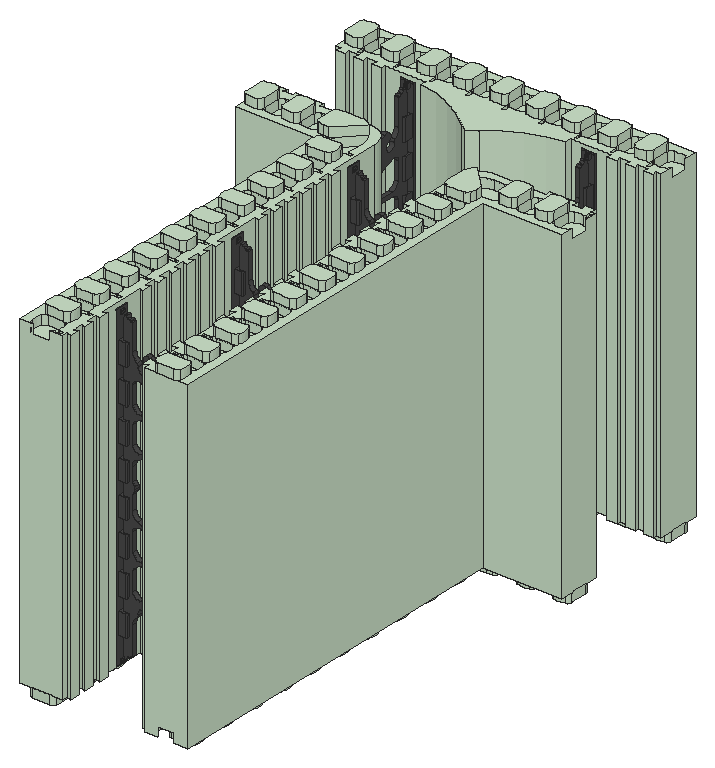
Revit family
Reference planes (in)
  plane 1 "Center (Front/Back)": y = 1
  plane 2: z = 0
  plane 3 "Center (Left/Right)": x = 0
  plane 4: y = 3
  plane 5: y = -1
  plane 6: x = 2
  plane 7: x = -2
  plane 8: z = 18
  plane 9: x = 1
  plane 10: x = -1
Forms (in)
  Extrusion 1, solid, material "NUDURA Expanded Polystyrene Foam Insulation"
    sketch origin (0, 0, 0) x (1, 0, 0) y (0, 1, 0)
      loop
        line (-9, 5.625) -> (-9, 3.25) -> (-8.71883, 3.25) -> (-8.78117, 3) -> (-8.21883, 3) -> (-8.28117, 3.25) -> (-7.71883, 3.25) -> (-7.78117, 3) -> (-7.21883, 3) -> (-7.28117, 3.25) -> (-6.71883, 3.25) -> (-6.78117, 3) -> (-6.21883, 3) -> (-6.28117, 3.25) -> (-4, 3.25) -> (-4, 2.875)
        arc (-4, 2.875) -> (-2.12304, 2.37468) -> (-0.50918, 1.29358) r 5.91797
        arc (-0.50918, 1.29358) -> (-0.26811, 1.09957) -> (0, 0.94507) r 2
        arc (0, 0.94507) -> (0.26811, 1.09957) -> (0.50918, 1.29358) r 2
        arc (0.50918, 1.29358) -> (2.12304, 2.37468) -> (4, 2.875) r 5.91797
        line (4, 2.875) -> (4, 3.25) -> (6.28117, 3.25) -> (6.21883, 3) -> (6.78117, 3) -> (6.71883, 3.25) -> (7.28117, 3.25) -> (7.21883, 3) -> (7.78117, 3) -> (7.71883, 3.25) -> (8.28117, 3.25) -> (8.21883, 3) -> (8.78117, 3) -> (8.71883, 3.25) -> (9, 3.25) -> (9, 5.625) -> (-9, 5.625)
      loop
        line (-2.25, -24) -> (-2.25, -23.71883) -> (-2, -23.78117) -> (-2, -23.21883) -> (-2.25, -23.28117) -> (-2.25, -22.71883) -> (-2, -22.78117) -> (-2, -22.21883) -> (-2.25, -22.28117) -> (-2.25, -21.71883) -> (-2, -21.78117) -> (-2, -21.21883) -> (-2.25, -21.28117) -> (-2.25, -18.71883) -> (-2, -18.78117) -> (-2, -18.21883) -> (-2.25, -18.28117) -> (-2.25, -17.71883) -> (-2, -17.78117) -> (-2, -17.21883) -> (-2.25, -17.28117) -> (-2.25, -16.71883) -> (-2, -16.78117) -> (-2, -16.21883) -> (-2.25, -16.28117) -> (-2.25, -15.71883) -> (-2, -15.78117) -> (-2, -15.21883) -> (-2.25, -15.28117) -> (-2.25, -14.71883) -> (-2, -14.78117) -> (-2, -14.21883) -> (-2.25, -14.28117) -> (-2.25, -13.71883) -> (-2, -13.78117) -> (-2, -13.21883) -> (-2.25, -13.28117) -> (-2.25, -10.71883) -> (-2, -10.78117) -> (-2, -10.21883) -> (-2.25, -10.28117) -> (-2.25, -9.71883) -> (-2, -9.78117) -> (-2, -9.21883) -> (-2.25, -9.28117) -> (-2.25, -8.71883) -> (-2, -8.78117) -> (-2, -8.21883) -> (-2.25, -8.28117) -> (-2.25, -7.71883) -> (-2, -7.78117) -> (-2, -7.21883) -> (-2.25, -7.28117) -> (-2.25, -6.71883) -> (-2, -6.78117) -> (-2, -6.21883) -> (-2.25, -6.28117) -> (-2.25, -5.71883) -> (-2, -5.78117) -> (-2, -5.21883) -> (-2.25, -5.28117) -> (-2.25, -2.5)
        arc (-2.25, -2.5) -> (-2.61612, -1.61612) -> (-3.5, -1.25) r 1.25
        line (-3.5, -1.25) -> (-6.28117, -1.25) -> (-6.21883, -1) -> (-6.78117, -1) -> (-6.71883, -1.25) -> (-7.28117, -1.25) -> (-7.21883, -1) -> (-7.78117, -1) -> (-7.71883, -1.25) -> (-8.28117, -1.25) -> (-8.21883, -1) -> (-8.78117, -1) -> (-8.71883, -1.25) -> (-9, -1.25) -> (-9, -3.625) -> (-4.625, -3.625) -> (-4.625, -24) -> (-2.25, -24)
      loop
        line (2.25, -24) -> (4.625, -24) -> (4.625, -3.625) -> (9, -3.625) -> (9, -1.25) -> (8.71883, -1.25) -> (8.78117, -1) -> (8.21883, -1) -> (8.28117, -1.25) -> (7.71883, -1.25) -> (7.78117, -1) -> (7.21883, -1) -> (7.28117, -1.25) -> (6.71883, -1.25) -> (6.78117, -1) -> (6.21883, -1) -> (6.28117, -1.25) -> (3.5, -1.25)
        arc (3.5, -1.25) -> (2.61612, -1.61612) -> (2.25, -2.5) r 1.25
        line (2.25, -2.5) -> (2.25, -5.28117) -> (2, -5.21883) -> (2, -5.78117) -> (2.25, -5.71883) -> (2.25, -6.28117) -> (2, -6.21883) -> (2, -6.78117) -> (2.25, -6.71883) -> (2.25, -7.28117) -> (2, -7.21883) -> (2, -7.78117) -> (2.25, -7.71883) -> (2.25, -8.28117) -> (2, -8.21883) -> (2, -8.78117) -> (2.25, -8.71883) -> (2.25, -9.28117) -> (2, -9.21883) -> (2, -9.78117) -> (2.25, -9.71883) -> (2.25, -10.28117) -> (2, -10.21883) -> (2, -10.78117) -> (2.25, -10.71883) -> (2.25, -13.28117) -> (2, -13.21883) -> (2, -13.78117) -> (2.25, -13.71883) -> (2.25, -14.28117) -> (2, -14.21883) -> (2, -14.78117) -> (2.25, -14.71883) -> (2.25, -15.28117) -> (2, -15.21883) -> (2, -15.78117) -> (2.25, -15.71883) -> (2.25, -16.28117) -> (2, -16.21883) -> (2, -16.78117) -> (2.25, -16.71883) -> (2.25, -17.28117) -> (2, -17.21883) -> (2, -17.78117) -> (2.25, -17.71883) -> (2.25, -18.28117) -> (2, -18.21883) -> (2, -18.78117) -> (2.25, -18.71883) -> (2.25, -21.28117) -> (2, -21.21883) -> (2, -21.78117) -> (2.25, -21.71883) -> (2.25, -22.28117) -> (2, -22.21883) -> (2, -22.78117) -> (2.25, -22.71883) -> (2.25, -23.28117) -> (2, -23.21883) -> (2, -23.78117) -> (2.25, -23.71883) -> (2.25, -24)
    from 0 to 18
  Extrusion 2, void
    sketch origin (1, 4, 0) x (1, 0, 0) y (0, 1, 0)
      loop
        arc (-5.13595, -25.17306) -> (-5.1875, -25.49998) -> (-5.13595, -25.8269) r 1.0625
        arc (-5.13595, -25.8269) -> (-5.04517, -25.95213) -> (-4.89808, -25.99998) r 0.25
        line (-4.89808, -25.99998) -> (-3.97692, -25.99998)
        arc (-3.97692, -25.99998) -> (-3.88568, -25.98274) -> (-3.80702, -25.93338) r 0.25
        arc (-3.80702, -25.93338) -> (-3.78736, -25.92104) -> (-3.76455, -25.91673) r 0.0625
        line (-3.76455, -25.91673) -> (-3.41845, -25.91673) -> (-3.41845, -25.7459) -> (-3.64005, -25.7459)
        arc (-3.64005, -25.7459) -> (-3.68771, -25.72383) -> (-3.70172, -25.67321) r 0.0625
        arc (-3.70172, -25.67321) -> (-3.69045, -25.4209) -> (-3.73905, -25.17306) r 1.0625
        arc (-3.73905, -25.17306) -> (-3.82983, -25.04783) -> (-3.97692, -24.99998) r 0.25
        line (-3.97692, -24.99998) -> (-4.89808, -24.99998)
        arc (-4.89808, -24.99998) -> (-5.04517, -25.04783) -> (-5.13595, -25.17306) r 0.25
    from 18 to 17.5
  Extrusion 3, void
    sketch origin (1, 6, 0) x (1, 0, 0) y (0, 1, 0)
      loop
        arc (-5.13595, -25.17306) -> (-5.1875, -25.49998) -> (-5.13595, -25.8269) r 1.0625
        arc (-5.13595, -25.8269) -> (-5.04517, -25.95213) -> (-4.89808, -25.99998) r 0.25
        line (-4.89808, -25.99998) -> (-3.97692, -25.99998)
        arc (-3.97692, -25.99998) -> (-3.88568, -25.98274) -> (-3.80702, -25.93338) r 0.25
        arc (-3.80702, -25.93338) -> (-3.78736, -25.92104) -> (-3.76455, -25.91673) r 0.0625
        line (-3.76455, -25.91673) -> (-3.41845, -25.91673) -> (-3.41845, -25.7459) -> (-3.64005, -25.7459)
        arc (-3.64005, -25.7459) -> (-3.68771, -25.72383) -> (-3.70172, -25.67321) r 0.0625
        arc (-3.70172, -25.67321) -> (-3.69045, -25.4209) -> (-3.73905, -25.17306) r 1.0625
        arc (-3.73905, -25.17306) -> (-3.82983, -25.04783) -> (-3.97692, -24.99998) r 0.25
        line (-3.97692, -24.99998) -> (-4.89808, -24.99998)
        arc (-4.89808, -24.99998) -> (-5.04517, -25.04783) -> (-5.13595, -25.17306) r 0.25
    from 18 to 17.5
  Extrusion 4, void
    sketch origin (1, 8, 0) x (1, 0, 0) y (0, 1, 0)
      loop
        arc (-5.13595, -25.17306) -> (-5.1875, -25.49998) -> (-5.13595, -25.8269) r 1.0625
        arc (-5.13595, -25.8269) -> (-5.04517, -25.95213) -> (-4.89808, -25.99998) r 0.25
        line (-4.89808, -25.99998) -> (-3.97692, -25.99998)
        arc (-3.97692, -25.99998) -> (-3.88568, -25.98274) -> (-3.80702, -25.93338) r 0.25
        arc (-3.80702, -25.93338) -> (-3.78736, -25.92104) -> (-3.76455, -25.91673) r 0.0625
        line (-3.76455, -25.91673) -> (-3.41845, -25.91673) -> (-3.41845, -25.7459) -> (-3.64005, -25.7459)
        arc (-3.64005, -25.7459) -> (-3.68771, -25.72383) -> (-3.70172, -25.67321) r 0.0625
        arc (-3.70172, -25.67321) -> (-3.69045, -25.4209) -> (-3.73905, -25.17306) r 1.0625
        arc (-3.73905, -25.17306) -> (-3.82983, -25.04783) -> (-3.97692, -24.99998) r 0.25
        line (-3.97692, -24.99998) -> (-4.89808, -24.99998)
        arc (-4.89808, -24.99998) -> (-5.04517, -25.04783) -> (-5.13595, -25.17306) r 0.25
    from 18 to 17.5
  Extrusion 5, void
    sketch origin (1, 10, 0) x (1, 0, 0) y (0, 1, 0)
      loop
        arc (-5.13595, -25.17306) -> (-5.1875, -25.49998) -> (-5.13595, -25.8269) r 1.0625
        arc (-5.13595, -25.8269) -> (-5.04517, -25.95213) -> (-4.89808, -25.99998) r 0.25
        line (-4.89808, -25.99998) -> (-3.97692, -25.99998)
        arc (-3.97692, -25.99998) -> (-3.88568, -25.98274) -> (-3.80702, -25.93338) r 0.25
        arc (-3.80702, -25.93338) -> (-3.78736, -25.92104) -> (-3.76455, -25.91673) r 0.0625
        line (-3.76455, -25.91673) -> (-3.41845, -25.91673) -> (-3.41845, -25.7459) -> (-3.64005, -25.7459)
        arc (-3.64005, -25.7459) -> (-3.68771, -25.72383) -> (-3.70172, -25.67321) r 0.0625
        arc (-3.70172, -25.67321) -> (-3.69045, -25.4209) -> (-3.73905, -25.17306) r 1.0625
        arc (-3.73905, -25.17306) -> (-3.82983, -25.04783) -> (-3.97692, -24.99998) r 0.25
        line (-3.97692, -24.99998) -> (-4.89808, -24.99998)
        arc (-4.89808, -24.99998) -> (-5.04517, -25.04783) -> (-5.13595, -25.17306) r 0.25
    from 18 to 17.5
  Extrusion 6, void
    sketch origin (1, 12, 0) x (1, 0, 0) y (0, 1, 0)
      loop
        arc (-5.13595, -25.17306) -> (-5.1875, -25.49998) -> (-5.13595, -25.8269) r 1.0625
        arc (-5.13595, -25.8269) -> (-5.04517, -25.95213) -> (-4.89808, -25.99998) r 0.25
        line (-4.89808, -25.99998) -> (-3.97692, -25.99998)
        arc (-3.97692, -25.99998) -> (-3.88568, -25.98274) -> (-3.80702, -25.93338) r 0.25
        arc (-3.80702, -25.93338) -> (-3.78736, -25.92104) -> (-3.76455, -25.91673) r 0.0625
        line (-3.76455, -25.91673) -> (-3.41845, -25.91673) -> (-3.41845, -25.7459) -> (-3.64005, -25.7459)
        arc (-3.64005, -25.7459) -> (-3.68771, -25.72383) -> (-3.70172, -25.67321) r 0.0625
        arc (-3.70172, -25.67321) -> (-3.69045, -25.4209) -> (-3.73905, -25.17306) r 1.0625
        arc (-3.73905, -25.17306) -> (-3.82983, -25.04783) -> (-3.97692, -24.99998) r 0.25
        line (-3.97692, -24.99998) -> (-4.89808, -24.99998)
        arc (-4.89808, -24.99998) -> (-5.04517, -25.04783) -> (-5.13595, -25.17306) r 0.25
    from 18 to 17.5
  Extrusion 7, void
    sketch origin (1, 14, 0) x (1, 0, 0) y (0, 1, 0)
      loop
        arc (-5.13595, -25.17306) -> (-5.1875, -25.49998) -> (-5.13595, -25.8269) r 1.0625
        arc (-5.13595, -25.8269) -> (-5.04517, -25.95213) -> (-4.89808, -25.99998) r 0.25
        line (-4.89808, -25.99998) -> (-3.97692, -25.99998)
        arc (-3.97692, -25.99998) -> (-3.88568, -25.98274) -> (-3.80702, -25.93338) r 0.25
        arc (-3.80702, -25.93338) -> (-3.78736, -25.92104) -> (-3.76455, -25.91673) r 0.0625
        line (-3.76455, -25.91673) -> (-3.41845, -25.91673) -> (-3.41845, -25.7459) -> (-3.64005, -25.7459)
        arc (-3.64005, -25.7459) -> (-3.68771, -25.72383) -> (-3.70172, -25.67321) r 0.0625
        arc (-3.70172, -25.67321) -> (-3.69045, -25.4209) -> (-3.73905, -25.17306) r 1.0625
        arc (-3.73905, -25.17306) -> (-3.82983, -25.04783) -> (-3.97692, -24.99998) r 0.25
        line (-3.97692, -24.99998) -> (-4.89808, -24.99998)
        arc (-4.89808, -24.99998) -> (-5.04517, -25.04783) -> (-5.13595, -25.17306) r 0.25
    from 18 to 17.5
  Extrusion 8, void
    sketch origin (1, 16, 0) x (1, 0, 0) y (0, 1, 0)
      loop
        arc (-5.13595, -25.17306) -> (-5.1875, -25.49998) -> (-5.13595, -25.8269) r 1.0625
        arc (-5.13595, -25.8269) -> (-5.04517, -25.95213) -> (-4.89808, -25.99998) r 0.25
        line (-4.89808, -25.99998) -> (-3.97692, -25.99998)
        arc (-3.97692, -25.99998) -> (-3.88568, -25.98274) -> (-3.80702, -25.93338) r 0.25
        arc (-3.80702, -25.93338) -> (-3.78736, -25.92104) -> (-3.76455, -25.91673) r 0.0625
        line (-3.76455, -25.91673) -> (-3.41845, -25.91673) -> (-3.41845, -25.7459) -> (-3.64005, -25.7459)
        arc (-3.64005, -25.7459) -> (-3.68771, -25.72383) -> (-3.70172, -25.67321) r 0.0625
        arc (-3.70172, -25.67321) -> (-3.69045, -25.4209) -> (-3.73905, -25.17306) r 1.0625
        arc (-3.73905, -25.17306) -> (-3.82983, -25.04783) -> (-3.97692, -24.99998) r 0.25
        line (-3.97692, -24.99998) -> (-4.89808, -24.99998)
        arc (-4.89808, -24.99998) -> (-5.04517, -25.04783) -> (-5.13595, -25.17306) r 0.25
    from 18 to 17.5
  Extrusion 9, void
    sketch origin (1, 18, 0) x (1, 0, 0) y (0, 1, 0)
      loop
        arc (-5.13595, -25.17306) -> (-5.1875, -25.49998) -> (-5.13595, -25.8269) r 1.0625
        arc (-5.13595, -25.8269) -> (-5.04517, -25.95213) -> (-4.89808, -25.99998) r 0.25
        line (-4.89808, -25.99998) -> (-3.97692, -25.99998)
        arc (-3.97692, -25.99998) -> (-3.88568, -25.98274) -> (-3.80702, -25.93338) r 0.25
        arc (-3.80702, -25.93338) -> (-3.78736, -25.92104) -> (-3.76455, -25.91673) r 0.0625
        line (-3.76455, -25.91673) -> (-3.41845, -25.91673) -> (-3.41845, -25.7459) -> (-3.64005, -25.7459)
        arc (-3.64005, -25.7459) -> (-3.68771, -25.72383) -> (-3.70172, -25.67321) r 0.0625
        arc (-3.70172, -25.67321) -> (-3.69045, -25.4209) -> (-3.73905, -25.17306) r 1.0625
        arc (-3.73905, -25.17306) -> (-3.82983, -25.04783) -> (-3.97692, -24.99998) r 0.25
        line (-3.97692, -24.99998) -> (-4.89808, -24.99998)
        arc (-4.89808, -24.99998) -> (-5.04517, -25.04783) -> (-5.13595, -25.17306) r 0.25
    from 18 to 17.5
  Extrusion 10, void
    sketch origin (1, 20, 0) x (1, 0, 0) y (0, 1, 0)
      loop
        arc (-5.13595, -25.17306) -> (-5.1875, -25.49998) -> (-5.13595, -25.8269) r 1.0625
        arc (-5.13595, -25.8269) -> (-5.04517, -25.95213) -> (-4.89808, -25.99998) r 0.25
        line (-4.89808, -25.99998) -> (-3.97692, -25.99998)
        arc (-3.97692, -25.99998) -> (-3.88568, -25.98274) -> (-3.80702, -25.93338) r 0.25
        arc (-3.80702, -25.93338) -> (-3.78736, -25.92104) -> (-3.76455, -25.91673) r 0.0625
        line (-3.76455, -25.91673) -> (-3.41845, -25.91673) -> (-3.41845, -25.7459) -> (-3.64005, -25.7459)
        arc (-3.64005, -25.7459) -> (-3.68771, -25.72383) -> (-3.70172, -25.67321) r 0.0625
        arc (-3.70172, -25.67321) -> (-3.69045, -25.4209) -> (-3.73905, -25.17306) r 1.0625
        arc (-3.73905, -25.17306) -> (-3.82983, -25.04783) -> (-3.97692, -24.99998) r 0.25
        line (-3.97692, -24.99998) -> (-4.89808, -24.99998)
        arc (-4.89808, -24.99998) -> (-5.04517, -25.04783) -> (-5.13595, -25.17306) r 0.25
    from 18 to 17.5
  Extrusion 11, void
    sketch origin (1, 2, 0) x (1, 0, 0) y (0, 1, 0)
      loop
        line (-5.1875, -5.18748) -> (-5.1875, -5.49998)
        arc (-5.1875, -5.49998) -> (-5.17453, -5.66546) -> (-5.13595, -5.8269) r 1.0625
        arc (-5.13595, -5.8269) -> (-5.04517, -5.95213) -> (-4.89808, -5.99998) r 0.25
        line (-4.89808, -5.99998) -> (-3.97692, -5.99998)
        arc (-3.97692, -5.99998) -> (-3.88568, -5.98274) -> (-3.80702, -5.93338) r 0.25
        arc (-3.80702, -5.93338) -> (-3.78736, -5.92104) -> (-3.76455, -5.91673) r 0.0625
        line (-3.76455, -5.91673) -> (-3.41845, -5.91673) -> (-3.41845, -5.7459) -> (-3.64005, -5.7459)
        arc (-3.64005, -5.7459) -> (-3.68771, -5.72383) -> (-3.70172, -5.67321) r 0.0625
        arc (-3.70172, -5.67321) -> (-3.69106, -5.58689) -> (-3.6875, -5.49998) r 1.0625
        line (-3.6875, -5.49998) -> (-3.6875, -4.68748)
        arc (-3.6875, -4.68748) -> (-3.76362, -4.3048) -> (-3.98039, -3.98037) r 1
        line (-3.98039, -3.98037) -> (-5.1875, -5.18748)
    from 18 to 17.5
  Extrusion 12, void
    sketch origin (-30.99998, 2.00002, 0) x (0, 1, 0) y (-1, 0, 0)
      loop
        arc (-5.13595, -25.17306) -> (-5.1875, -25.49998) -> (-5.13595, -25.8269) r 1.0625
        arc (-5.13595, -25.8269) -> (-5.04517, -25.95213) -> (-4.89808, -25.99998) r 0.25
        line (-4.89808, -25.99998) -> (-3.97692, -25.99998)
        arc (-3.97692, -25.99998) -> (-3.88568, -25.98274) -> (-3.80702, -25.93338) r 0.25
        arc (-3.80702, -25.93338) -> (-3.78736, -25.92104) -> (-3.76455, -25.91673) r 0.0625
        line (-3.76455, -25.91673) -> (-3.41845, -25.91673) -> (-3.41845, -25.7459) -> (-3.64005, -25.7459)
        arc (-3.64005, -25.7459) -> (-3.68771, -25.72383) -> (-3.70172, -25.67321) r 0.0625
        arc (-3.70172, -25.67321) -> (-3.69045, -25.4209) -> (-3.73905, -25.17306) r 1.0625
        arc (-3.73905, -25.17306) -> (-3.82983, -25.04783) -> (-3.97692, -24.99998) r 0.25
        line (-3.97692, -24.99998) -> (-4.89808, -24.99998)
        arc (-4.89808, -24.99998) -> (-5.04517, -25.04783) -> (-5.13595, -25.17306) r 0.25
    from 18 to 17.5
  Extrusion 13, void
    sketch origin (-32.99998, 2.00002, 0) x (0, 1, 0) y (-1, 0, 0)
      loop
        arc (-5.13595, -25.17306) -> (-5.1875, -25.49998) -> (-5.13595, -25.8269) r 1.0625
        arc (-5.13595, -25.8269) -> (-5.04517, -25.95213) -> (-4.89808, -25.99998) r 0.25
        line (-4.89808, -25.99998) -> (-3.97692, -25.99998)
        arc (-3.97692, -25.99998) -> (-3.88568, -25.98274) -> (-3.80702, -25.93338) r 0.25
        arc (-3.80702, -25.93338) -> (-3.78736, -25.92104) -> (-3.76455, -25.91673) r 0.0625
        line (-3.76455, -25.91673) -> (-3.41845, -25.91673) -> (-3.41845, -25.7459) -> (-3.64005, -25.7459)
        arc (-3.64005, -25.7459) -> (-3.68771, -25.72383) -> (-3.70172, -25.67321) r 0.0625
        arc (-3.70172, -25.67321) -> (-3.69045, -25.4209) -> (-3.73905, -25.17306) r 1.0625
        arc (-3.73905, -25.17306) -> (-3.82983, -25.04783) -> (-3.97692, -24.99998) r 0.25
        line (-3.97692, -24.99998) -> (-4.89808, -24.99998)
        arc (-4.89808, -24.99998) -> (-5.04517, -25.04783) -> (-5.13595, -25.17306) r 0.25
    from 18 to 17.5
  Extrusion 14, void
    sketch origin (1, -47.99996, 0) x (1, 0, 0) y (0, 1, 0)
      loop
        arc (-5.13595, 25.17306) -> (-5.04517, 25.04783) -> (-4.89808, 24.99998) r 0.25
        line (-4.89808, 24.99998) -> (-3.97692, 24.99998)
        arc (-3.97692, 24.99998) -> (-3.82983, 25.04783) -> (-3.73905, 25.17306) r 0.25
        arc (-3.73905, 25.17306) -> (-3.69045, 25.4209) -> (-3.70172, 25.67321) r 1.0625
        arc (-3.70172, 25.67321) -> (-3.68771, 25.72383) -> (-3.64005, 25.7459) r 0.0625
        line (-3.64005, 25.7459) -> (-3.41845, 25.7459) -> (-3.41845, 25.91673) -> (-3.76455, 25.91673)
        arc (-3.76455, 25.91673) -> (-3.78736, 25.92104) -> (-3.80702, 25.93338) r 0.0625
        arc (-3.80702, 25.93338) -> (-3.88568, 25.98274) -> (-3.97692, 25.99998) r 0.25
        line (-3.97692, 25.99998) -> (-4.89808, 25.99998)
        arc (-4.89808, 25.99998) -> (-5.04517, 25.95213) -> (-5.13595, 25.8269) r 0.25
        arc (-5.13595, 25.8269) -> (-5.1875, 25.49998) -> (-5.13595, 25.17306) r 1.0625
    from 0 to 0.5
  Extrusion 15, void
    sketch origin (1, -45.99996, 0) x (1, 0, 0) y (0, 1, 0)
      loop
        arc (-5.13595, 25.17306) -> (-5.04517, 25.04783) -> (-4.89808, 24.99998) r 0.25
        line (-4.89808, 24.99998) -> (-3.97692, 24.99998)
        arc (-3.97692, 24.99998) -> (-3.82983, 25.04783) -> (-3.73905, 25.17306) r 0.25
        arc (-3.73905, 25.17306) -> (-3.69045, 25.4209) -> (-3.70172, 25.67321) r 1.0625
        arc (-3.70172, 25.67321) -> (-3.68771, 25.72383) -> (-3.64005, 25.7459) r 0.0625
        line (-3.64005, 25.7459) -> (-3.41845, 25.7459) -> (-3.41845, 25.91673) -> (-3.76455, 25.91673)
        arc (-3.76455, 25.91673) -> (-3.78736, 25.92104) -> (-3.80702, 25.93338) r 0.0625
        arc (-3.80702, 25.93338) -> (-3.88568, 25.98274) -> (-3.97692, 25.99998) r 0.25
        line (-3.97692, 25.99998) -> (-4.89808, 25.99998)
        arc (-4.89808, 25.99998) -> (-5.04517, 25.95213) -> (-5.13595, 25.8269) r 0.25
        arc (-5.13595, 25.8269) -> (-5.1875, 25.49998) -> (-5.13595, 25.17306) r 1.0625
    from 0 to 0.5
  Extrusion 16, void
    sketch origin (1, -43.99996, 0) x (1, 0, 0) y (0, 1, 0)
      loop
        arc (-5.13595, 25.17306) -> (-5.04517, 25.04783) -> (-4.89808, 24.99998) r 0.25
        line (-4.89808, 24.99998) -> (-3.97692, 24.99998)
        arc (-3.97692, 24.99998) -> (-3.82983, 25.04783) -> (-3.73905, 25.17306) r 0.25
        arc (-3.73905, 25.17306) -> (-3.69045, 25.4209) -> (-3.70172, 25.67321) r 1.0625
        arc (-3.70172, 25.67321) -> (-3.68771, 25.72383) -> (-3.64005, 25.7459) r 0.0625
        line (-3.64005, 25.7459) -> (-3.41845, 25.7459) -> (-3.41845, 25.91673) -> (-3.76455, 25.91673)
        arc (-3.76455, 25.91673) -> (-3.78736, 25.92104) -> (-3.80702, 25.93338) r 0.0625
        arc (-3.80702, 25.93338) -> (-3.88568, 25.98274) -> (-3.97692, 25.99998) r 0.25
        line (-3.97692, 25.99998) -> (-4.89808, 25.99998)
        arc (-4.89808, 25.99998) -> (-5.04517, 25.95213) -> (-5.13595, 25.8269) r 0.25
        arc (-5.13595, 25.8269) -> (-5.1875, 25.49998) -> (-5.13595, 25.17306) r 1.0625
    from 0 to 0.5
  Extrusion 17, void
    sketch origin (1, -41.99996, 0) x (1, 0, 0) y (0, 1, 0)
      loop
        arc (-5.13595, 25.17306) -> (-5.04517, 25.04783) -> (-4.89808, 24.99998) r 0.25
        line (-4.89808, 24.99998) -> (-3.97692, 24.99998)
        arc (-3.97692, 24.99998) -> (-3.82983, 25.04783) -> (-3.73905, 25.17306) r 0.25
        arc (-3.73905, 25.17306) -> (-3.69045, 25.4209) -> (-3.70172, 25.67321) r 1.0625
        arc (-3.70172, 25.67321) -> (-3.68771, 25.72383) -> (-3.64005, 25.7459) r 0.0625
        line (-3.64005, 25.7459) -> (-3.41845, 25.7459) -> (-3.41845, 25.91673) -> (-3.76455, 25.91673)
        arc (-3.76455, 25.91673) -> (-3.78736, 25.92104) -> (-3.80702, 25.93338) r 0.0625
        arc (-3.80702, 25.93338) -> (-3.88568, 25.98274) -> (-3.97692, 25.99998) r 0.25
        line (-3.97692, 25.99998) -> (-4.89808, 25.99998)
        arc (-4.89808, 25.99998) -> (-5.04517, 25.95213) -> (-5.13595, 25.8269) r 0.25
        arc (-5.13595, 25.8269) -> (-5.1875, 25.49998) -> (-5.13595, 25.17306) r 1.0625
    from 0 to 0.5
  Extrusion 18, void
    sketch origin (1, -39.99996, 0) x (1, 0, 0) y (0, 1, 0)
      loop
        arc (-5.13595, 25.17306) -> (-5.04517, 25.04783) -> (-4.89808, 24.99998) r 0.25
        line (-4.89808, 24.99998) -> (-3.97692, 24.99998)
        arc (-3.97692, 24.99998) -> (-3.82983, 25.04783) -> (-3.73905, 25.17306) r 0.25
        arc (-3.73905, 25.17306) -> (-3.69045, 25.4209) -> (-3.70172, 25.67321) r 1.0625
        arc (-3.70172, 25.67321) -> (-3.68771, 25.72383) -> (-3.64005, 25.7459) r 0.0625
        line (-3.64005, 25.7459) -> (-3.41845, 25.7459) -> (-3.41845, 25.91673) -> (-3.76455, 25.91673)
        arc (-3.76455, 25.91673) -> (-3.78736, 25.92104) -> (-3.80702, 25.93338) r 0.0625
        arc (-3.80702, 25.93338) -> (-3.88568, 25.98274) -> (-3.97692, 25.99998) r 0.25
        line (-3.97692, 25.99998) -> (-4.89808, 25.99998)
        arc (-4.89808, 25.99998) -> (-5.04517, 25.95213) -> (-5.13595, 25.8269) r 0.25
        arc (-5.13595, 25.8269) -> (-5.1875, 25.49998) -> (-5.13595, 25.17306) r 1.0625
    from 0 to 0.5
  Extrusion 19, void
    sketch origin (1, -37.99996, 0) x (1, 0, 0) y (0, 1, 0)
      loop
        arc (-5.13595, 25.17306) -> (-5.04517, 25.04783) -> (-4.89808, 24.99998) r 0.25
        line (-4.89808, 24.99998) -> (-3.97692, 24.99998)
        arc (-3.97692, 24.99998) -> (-3.82983, 25.04783) -> (-3.73905, 25.17306) r 0.25
        arc (-3.73905, 25.17306) -> (-3.69045, 25.4209) -> (-3.70172, 25.67321) r 1.0625
        arc (-3.70172, 25.67321) -> (-3.68771, 25.72383) -> (-3.64005, 25.7459) r 0.0625
        line (-3.64005, 25.7459) -> (-3.41845, 25.7459) -> (-3.41845, 25.91673) -> (-3.76455, 25.91673)
        arc (-3.76455, 25.91673) -> (-3.78736, 25.92104) -> (-3.80702, 25.93338) r 0.0625
        arc (-3.80702, 25.93338) -> (-3.88568, 25.98274) -> (-3.97692, 25.99998) r 0.25
        line (-3.97692, 25.99998) -> (-4.89808, 25.99998)
        arc (-4.89808, 25.99998) -> (-5.04517, 25.95213) -> (-5.13595, 25.8269) r 0.25
        arc (-5.13595, 25.8269) -> (-5.1875, 25.49998) -> (-5.13595, 25.17306) r 1.0625
    from 0 to 0.5
  Extrusion 20, void
    sketch origin (1, -35.99996, 0) x (1, 0, 0) y (0, 1, 0)
      loop
        arc (-5.13595, 25.17306) -> (-5.04517, 25.04783) -> (-4.89808, 24.99998) r 0.25
        line (-4.89808, 24.99998) -> (-3.97692, 24.99998)
        arc (-3.97692, 24.99998) -> (-3.82983, 25.04783) -> (-3.73905, 25.17306) r 0.25
        arc (-3.73905, 25.17306) -> (-3.69045, 25.4209) -> (-3.70172, 25.67321) r 1.0625
        arc (-3.70172, 25.67321) -> (-3.68771, 25.72383) -> (-3.64005, 25.7459) r 0.0625
        line (-3.64005, 25.7459) -> (-3.41845, 25.7459) -> (-3.41845, 25.91673) -> (-3.76455, 25.91673)
        arc (-3.76455, 25.91673) -> (-3.78736, 25.92104) -> (-3.80702, 25.93338) r 0.0625
        arc (-3.80702, 25.93338) -> (-3.88568, 25.98274) -> (-3.97692, 25.99998) r 0.25
        line (-3.97692, 25.99998) -> (-4.89808, 25.99998)
        arc (-4.89808, 25.99998) -> (-5.04517, 25.95213) -> (-5.13595, 25.8269) r 0.25
        arc (-5.13595, 25.8269) -> (-5.1875, 25.49998) -> (-5.13595, 25.17306) r 1.0625
    from 0 to 0.5
  Extrusion 21, void
    sketch origin (1, -33.99996, 0) x (1, 0, 0) y (0, 1, 0)
      loop
        arc (-5.13595, 25.17306) -> (-5.04517, 25.04783) -> (-4.89808, 24.99998) r 0.25
        line (-4.89808, 24.99998) -> (-3.97692, 24.99998)
        arc (-3.97692, 24.99998) -> (-3.82983, 25.04783) -> (-3.73905, 25.17306) r 0.25
        arc (-3.73905, 25.17306) -> (-3.69045, 25.4209) -> (-3.70172, 25.67321) r 1.0625
        arc (-3.70172, 25.67321) -> (-3.68771, 25.72383) -> (-3.64005, 25.7459) r 0.0625
        line (-3.64005, 25.7459) -> (-3.41845, 25.7459) -> (-3.41845, 25.91673) -> (-3.76455, 25.91673)
        arc (-3.76455, 25.91673) -> (-3.78736, 25.92104) -> (-3.80702, 25.93338) r 0.0625
        arc (-3.80702, 25.93338) -> (-3.88568, 25.98274) -> (-3.97692, 25.99998) r 0.25
        line (-3.97692, 25.99998) -> (-4.89808, 25.99998)
        arc (-4.89808, 25.99998) -> (-5.04517, 25.95213) -> (-5.13595, 25.8269) r 0.25
        arc (-5.13595, 25.8269) -> (-5.1875, 25.49998) -> (-5.13595, 25.17306) r 1.0625
    from 0 to 0.5
  Extrusion 22, void
    sketch origin (1, -31.99996, 0) x (1, 0, 0) y (0, 1, 0)
      loop
        arc (-5.13595, 25.17306) -> (-5.04517, 25.04783) -> (-4.89808, 24.99998) r 0.25
        line (-4.89808, 24.99998) -> (-3.97692, 24.99998)
        arc (-3.97692, 24.99998) -> (-3.82983, 25.04783) -> (-3.73905, 25.17306) r 0.25
        arc (-3.73905, 25.17306) -> (-3.69045, 25.4209) -> (-3.70172, 25.67321) r 1.0625
        arc (-3.70172, 25.67321) -> (-3.68771, 25.72383) -> (-3.64005, 25.7459) r 0.0625
        line (-3.64005, 25.7459) -> (-3.41845, 25.7459) -> (-3.41845, 25.91673) -> (-3.76455, 25.91673)
        arc (-3.76455, 25.91673) -> (-3.78736, 25.92104) -> (-3.80702, 25.93338) r 0.0625
        arc (-3.80702, 25.93338) -> (-3.88568, 25.98274) -> (-3.97692, 25.99998) r 0.25
        line (-3.97692, 25.99998) -> (-4.89808, 25.99998)
        arc (-4.89808, 25.99998) -> (-5.04517, 25.95213) -> (-5.13595, 25.8269) r 0.25
        arc (-5.13595, 25.8269) -> (-5.1875, 25.49998) -> (-5.13595, 25.17306) r 1.0625
    from 0 to 0.5
  Extrusion 23, void
    sketch origin (1, -29.99996, 0) x (1, 0, 0) y (0, 1, 0)
      loop
        arc (-5.13595, 25.17306) -> (-5.04517, 25.04783) -> (-4.89808, 24.99998) r 0.25
        line (-4.89808, 24.99998) -> (-3.97692, 24.99998)
        arc (-3.97692, 24.99998) -> (-3.82983, 25.04783) -> (-3.73905, 25.17306) r 0.25
        arc (-3.73905, 25.17306) -> (-3.69045, 25.4209) -> (-3.70172, 25.67321) r 1.0625
        arc (-3.70172, 25.67321) -> (-3.68771, 25.72383) -> (-3.64005, 25.7459) r 0.0625
        line (-3.64005, 25.7459) -> (-3.41845, 25.7459) -> (-3.41845, 25.91673) -> (-3.76455, 25.91673)
        arc (-3.76455, 25.91673) -> (-3.78736, 25.92104) -> (-3.80702, 25.93338) r 0.0625
        arc (-3.80702, 25.93338) -> (-3.88568, 25.98274) -> (-3.97692, 25.99998) r 0.25
        line (-3.97692, 25.99998) -> (-4.89808, 25.99998)
        arc (-4.89808, 25.99998) -> (-5.04517, 25.95213) -> (-5.13595, 25.8269) r 0.25
        arc (-5.13595, 25.8269) -> (-5.1875, 25.49998) -> (-5.13595, 25.17306) r 1.0625
    from 0 to 0.5
  Extrusion 24, void
    sketch origin (0.99998, 2.00002, 0) x (0, 1, 0) y (-1, 0, 0)
      loop
        line (-5.1875, 5.18748) -> (-3.98039, 3.98037)
        arc (-3.98039, 3.98037) -> (-3.76362, 4.3048) -> (-3.6875, 4.68748) r 1
        line (-3.6875, 4.68748) -> (-3.6875, 5.49998)
        arc (-3.6875, 5.49998) -> (-3.69106, 5.58689) -> (-3.70172, 5.67321) r 1.0625
        arc (-3.70172, 5.67321) -> (-3.68771, 5.72383) -> (-3.64005, 5.7459) r 0.0625
        line (-3.64005, 5.7459) -> (-3.41845, 5.7459) -> (-3.41845, 5.91673) -> (-3.76455, 5.91673)
        arc (-3.76455, 5.91673) -> (-3.78736, 5.92104) -> (-3.80702, 5.93338) r 0.0625
        arc (-3.80702, 5.93338) -> (-3.88568, 5.98274) -> (-3.97692, 5.99998) r 0.25
        line (-3.97692, 5.99998) -> (-4.89808, 5.99998)
        arc (-4.89808, 5.99998) -> (-5.04517, 5.95213) -> (-5.13595, 5.8269) r 0.25
        arc (-5.13595, 5.8269) -> (-5.17453, 5.66546) -> (-5.1875, 5.49998) r 1.0625
        line (-5.1875, 5.49998) -> (-5.1875, 5.18748)
    from 0 to 0.5
  Extrusion 25, void
    sketch origin (18.99998, 2.00002, 0) x (0, 1, 0) y (-1, 0, 0)
      loop
        arc (-5.13595, 25.17306) -> (-5.04517, 25.04783) -> (-4.89808, 24.99998) r 0.25
        line (-4.89808, 24.99998) -> (-3.97692, 24.99998)
        arc (-3.97692, 24.99998) -> (-3.82983, 25.04783) -> (-3.73905, 25.17306) r 0.25
        arc (-3.73905, 25.17306) -> (-3.69045, 25.4209) -> (-3.70172, 25.67321) r 1.0625
        arc (-3.70172, 25.67321) -> (-3.68771, 25.72383) -> (-3.64005, 25.7459) r 0.0625
        line (-3.64005, 25.7459) -> (-3.41845, 25.7459) -> (-3.41845, 25.91673) -> (-3.76455, 25.91673)
        arc (-3.76455, 25.91673) -> (-3.78736, 25.92104) -> (-3.80702, 25.93338) r 0.0625
        arc (-3.80702, 25.93338) -> (-3.88568, 25.98274) -> (-3.97692, 25.99998) r 0.25
        line (-3.97692, 25.99998) -> (-4.89808, 25.99998)
        arc (-4.89808, 25.99998) -> (-5.04517, 25.95213) -> (-5.13595, 25.8269) r 0.25
        arc (-5.13595, 25.8269) -> (-5.1875, 25.49998) -> (-5.13595, 25.17306) r 1.0625
    from 0 to 0.5
  Extrusion 26, void
    sketch origin (16.99998, 2.00002, 0) x (0, 1, 0) y (-1, 0, 0)
      loop
        arc (-5.13595, 25.17306) -> (-5.04517, 25.04783) -> (-4.89808, 24.99998) r 0.25
        line (-4.89808, 24.99998) -> (-3.97692, 24.99998)
        arc (-3.97692, 24.99998) -> (-3.82983, 25.04783) -> (-3.73905, 25.17306) r 0.25
        arc (-3.73905, 25.17306) -> (-3.69045, 25.4209) -> (-3.70172, 25.67321) r 1.0625
        arc (-3.70172, 25.67321) -> (-3.68771, 25.72383) -> (-3.64005, 25.7459) r 0.0625
        line (-3.64005, 25.7459) -> (-3.41845, 25.7459) -> (-3.41845, 25.91673) -> (-3.76455, 25.91673)
        arc (-3.76455, 25.91673) -> (-3.78736, 25.92104) -> (-3.80702, 25.93338) r 0.0625
        arc (-3.80702, 25.93338) -> (-3.88568, 25.98274) -> (-3.97692, 25.99998) r 0.25
        line (-3.97692, 25.99998) -> (-4.89808, 25.99998)
        arc (-4.89808, 25.99998) -> (-5.04517, 25.95213) -> (-5.13595, 25.8269) r 0.25
        arc (-5.13595, 25.8269) -> (-5.1875, 25.49998) -> (-5.13595, 25.17306) r 1.0625
    from 0 to 0.5
  Extrusion 27, void
    sketch origin (-1, -47.99996, 0) x (-1, 0, 0) y (0, -1, 0)
      loop
        arc (-5.13595, -25.17306) -> (-5.1875, -25.49998) -> (-5.13595, -25.8269) r 1.0625
        arc (-5.13595, -25.8269) -> (-5.04517, -25.95213) -> (-4.89808, -25.99998) r 0.25
        line (-4.89808, -25.99998) -> (-3.97692, -25.99998)
        arc (-3.97692, -25.99998) -> (-3.88568, -25.98274) -> (-3.80702, -25.93338) r 0.25
        arc (-3.80702, -25.93338) -> (-3.78736, -25.92104) -> (-3.76455, -25.91673) r 0.0625
        line (-3.76455, -25.91673) -> (-3.41845, -25.91673) -> (-3.41845, -25.7459) -> (-3.64005, -25.7459)
        arc (-3.64005, -25.7459) -> (-3.68771, -25.72383) -> (-3.70172, -25.67321) r 0.0625
        arc (-3.70172, -25.67321) -> (-3.69045, -25.4209) -> (-3.73905, -25.17306) r 1.0625
        arc (-3.73905, -25.17306) -> (-3.82983, -25.04783) -> (-3.97692, -24.99998) r 0.25
        line (-3.97692, -24.99998) -> (-4.89808, -24.99998)
        arc (-4.89808, -24.99998) -> (-5.04517, -25.04783) -> (-5.13595, -25.17306) r 0.25
    from 18 to 17.5
  Extrusion 28, void
    sketch origin (-1, -45.99996, 0) x (-1, 0, 0) y (0, -1, 0)
      loop
        arc (-5.13595, -25.17306) -> (-5.1875, -25.49998) -> (-5.13595, -25.8269) r 1.0625
        arc (-5.13595, -25.8269) -> (-5.04517, -25.95213) -> (-4.89808, -25.99998) r 0.25
        line (-4.89808, -25.99998) -> (-3.97692, -25.99998)
        arc (-3.97692, -25.99998) -> (-3.88568, -25.98274) -> (-3.80702, -25.93338) r 0.25
        arc (-3.80702, -25.93338) -> (-3.78736, -25.92104) -> (-3.76455, -25.91673) r 0.0625
        line (-3.76455, -25.91673) -> (-3.41845, -25.91673) -> (-3.41845, -25.7459) -> (-3.64005, -25.7459)
        arc (-3.64005, -25.7459) -> (-3.68771, -25.72383) -> (-3.70172, -25.67321) r 0.0625
        arc (-3.70172, -25.67321) -> (-3.69045, -25.4209) -> (-3.73905, -25.17306) r 1.0625
        arc (-3.73905, -25.17306) -> (-3.82983, -25.04783) -> (-3.97692, -24.99998) r 0.25
        line (-3.97692, -24.99998) -> (-4.89808, -24.99998)
        arc (-4.89808, -24.99998) -> (-5.04517, -25.04783) -> (-5.13595, -25.17306) r 0.25
    from 18 to 17.5
  Extrusion 29, void
    sketch origin (-1, -43.99996, 0) x (-1, 0, 0) y (0, -1, 0)
      loop
        arc (-5.13595, -25.17306) -> (-5.1875, -25.49998) -> (-5.13595, -25.8269) r 1.0625
        arc (-5.13595, -25.8269) -> (-5.04517, -25.95213) -> (-4.89808, -25.99998) r 0.25
        line (-4.89808, -25.99998) -> (-3.97692, -25.99998)
        arc (-3.97692, -25.99998) -> (-3.88568, -25.98274) -> (-3.80702, -25.93338) r 0.25
        arc (-3.80702, -25.93338) -> (-3.78736, -25.92104) -> (-3.76455, -25.91673) r 0.0625
        line (-3.76455, -25.91673) -> (-3.41845, -25.91673) -> (-3.41845, -25.7459) -> (-3.64005, -25.7459)
        arc (-3.64005, -25.7459) -> (-3.68771, -25.72383) -> (-3.70172, -25.67321) r 0.0625
        arc (-3.70172, -25.67321) -> (-3.69045, -25.4209) -> (-3.73905, -25.17306) r 1.0625
        arc (-3.73905, -25.17306) -> (-3.82983, -25.04783) -> (-3.97692, -24.99998) r 0.25
        line (-3.97692, -24.99998) -> (-4.89808, -24.99998)
        arc (-4.89808, -24.99998) -> (-5.04517, -25.04783) -> (-5.13595, -25.17306) r 0.25
    from 18 to 17.5
  Extrusion 30, void
    sketch origin (-1, -41.99996, 0) x (-1, 0, 0) y (0, -1, 0)
      loop
        arc (-5.13595, -25.17306) -> (-5.1875, -25.49998) -> (-5.13595, -25.8269) r 1.0625
        arc (-5.13595, -25.8269) -> (-5.04517, -25.95213) -> (-4.89808, -25.99998) r 0.25
        line (-4.89808, -25.99998) -> (-3.97692, -25.99998)
        arc (-3.97692, -25.99998) -> (-3.88568, -25.98274) -> (-3.80702, -25.93338) r 0.25
        arc (-3.80702, -25.93338) -> (-3.78736, -25.92104) -> (-3.76455, -25.91673) r 0.0625
        line (-3.76455, -25.91673) -> (-3.41845, -25.91673) -> (-3.41845, -25.7459) -> (-3.64005, -25.7459)
        arc (-3.64005, -25.7459) -> (-3.68771, -25.72383) -> (-3.70172, -25.67321) r 0.0625
        arc (-3.70172, -25.67321) -> (-3.69045, -25.4209) -> (-3.73905, -25.17306) r 1.0625
        arc (-3.73905, -25.17306) -> (-3.82983, -25.04783) -> (-3.97692, -24.99998) r 0.25
        line (-3.97692, -24.99998) -> (-4.89808, -24.99998)
        arc (-4.89808, -24.99998) -> (-5.04517, -25.04783) -> (-5.13595, -25.17306) r 0.25
    from 18 to 17.5
  Extrusion 31, void
    sketch origin (-1, -39.99996, 0) x (-1, 0, 0) y (0, -1, 0)
      loop
        arc (-5.13595, -25.17306) -> (-5.1875, -25.49998) -> (-5.13595, -25.8269) r 1.0625
        arc (-5.13595, -25.8269) -> (-5.04517, -25.95213) -> (-4.89808, -25.99998) r 0.25
        line (-4.89808, -25.99998) -> (-3.97692, -25.99998)
        arc (-3.97692, -25.99998) -> (-3.88568, -25.98274) -> (-3.80702, -25.93338) r 0.25
        arc (-3.80702, -25.93338) -> (-3.78736, -25.92104) -> (-3.76455, -25.91673) r 0.0625
        line (-3.76455, -25.91673) -> (-3.41845, -25.91673) -> (-3.41845, -25.7459) -> (-3.64005, -25.7459)
        arc (-3.64005, -25.7459) -> (-3.68771, -25.72383) -> (-3.70172, -25.67321) r 0.0625
        arc (-3.70172, -25.67321) -> (-3.69045, -25.4209) -> (-3.73905, -25.17306) r 1.0625
        arc (-3.73905, -25.17306) -> (-3.82983, -25.04783) -> (-3.97692, -24.99998) r 0.25
        line (-3.97692, -24.99998) -> (-4.89808, -24.99998)
        arc (-4.89808, -24.99998) -> (-5.04517, -25.04783) -> (-5.13595, -25.17306) r 0.25
    from 18 to 17.5
  Extrusion 32, void
    sketch origin (-1, -37.99996, 0) x (-1, 0, 0) y (0, -1, 0)
      loop
        arc (-5.13595, -25.17306) -> (-5.1875, -25.49998) -> (-5.13595, -25.8269) r 1.0625
        arc (-5.13595, -25.8269) -> (-5.04517, -25.95213) -> (-4.89808, -25.99998) r 0.25
        line (-4.89808, -25.99998) -> (-3.97692, -25.99998)
        arc (-3.97692, -25.99998) -> (-3.88568, -25.98274) -> (-3.80702, -25.93338) r 0.25
        arc (-3.80702, -25.93338) -> (-3.78736, -25.92104) -> (-3.76455, -25.91673) r 0.0625
        line (-3.76455, -25.91673) -> (-3.41845, -25.91673) -> (-3.41845, -25.7459) -> (-3.64005, -25.7459)
        arc (-3.64005, -25.7459) -> (-3.68771, -25.72383) -> (-3.70172, -25.67321) r 0.0625
        arc (-3.70172, -25.67321) -> (-3.69045, -25.4209) -> (-3.73905, -25.17306) r 1.0625
        arc (-3.73905, -25.17306) -> (-3.82983, -25.04783) -> (-3.97692, -24.99998) r 0.25
        line (-3.97692, -24.99998) -> (-4.89808, -24.99998)
        arc (-4.89808, -24.99998) -> (-5.04517, -25.04783) -> (-5.13595, -25.17306) r 0.25
    from 18 to 17.5
  Extrusion 33, void
    sketch origin (-1, -35.99996, 0) x (-1, 0, 0) y (0, -1, 0)
      loop
        arc (-5.13595, -25.17306) -> (-5.1875, -25.49998) -> (-5.13595, -25.8269) r 1.0625
        arc (-5.13595, -25.8269) -> (-5.04517, -25.95213) -> (-4.89808, -25.99998) r 0.25
        line (-4.89808, -25.99998) -> (-3.97692, -25.99998)
        arc (-3.97692, -25.99998) -> (-3.88568, -25.98274) -> (-3.80702, -25.93338) r 0.25
        arc (-3.80702, -25.93338) -> (-3.78736, -25.92104) -> (-3.76455, -25.91673) r 0.0625
        line (-3.76455, -25.91673) -> (-3.41845, -25.91673) -> (-3.41845, -25.7459) -> (-3.64005, -25.7459)
        arc (-3.64005, -25.7459) -> (-3.68771, -25.72383) -> (-3.70172, -25.67321) r 0.0625
        arc (-3.70172, -25.67321) -> (-3.69045, -25.4209) -> (-3.73905, -25.17306) r 1.0625
        arc (-3.73905, -25.17306) -> (-3.82983, -25.04783) -> (-3.97692, -24.99998) r 0.25
        line (-3.97692, -24.99998) -> (-4.89808, -24.99998)
        arc (-4.89808, -24.99998) -> (-5.04517, -25.04783) -> (-5.13595, -25.17306) r 0.25
    from 18 to 17.5
  Extrusion 34, void
    sketch origin (-1, -33.99996, 0) x (-1, 0, 0) y (0, -1, 0)
      loop
        arc (-5.13595, -25.17306) -> (-5.1875, -25.49998) -> (-5.13595, -25.8269) r 1.0625
        arc (-5.13595, -25.8269) -> (-5.04517, -25.95213) -> (-4.89808, -25.99998) r 0.25
        line (-4.89808, -25.99998) -> (-3.97692, -25.99998)
        arc (-3.97692, -25.99998) -> (-3.88568, -25.98274) -> (-3.80702, -25.93338) r 0.25
        arc (-3.80702, -25.93338) -> (-3.78736, -25.92104) -> (-3.76455, -25.91673) r 0.0625
        line (-3.76455, -25.91673) -> (-3.41845, -25.91673) -> (-3.41845, -25.7459) -> (-3.64005, -25.7459)
        arc (-3.64005, -25.7459) -> (-3.68771, -25.72383) -> (-3.70172, -25.67321) r 0.0625
        arc (-3.70172, -25.67321) -> (-3.69045, -25.4209) -> (-3.73905, -25.17306) r 1.0625
        arc (-3.73905, -25.17306) -> (-3.82983, -25.04783) -> (-3.97692, -24.99998) r 0.25
        line (-3.97692, -24.99998) -> (-4.89808, -24.99998)
        arc (-4.89808, -24.99998) -> (-5.04517, -25.04783) -> (-5.13595, -25.17306) r 0.25
    from 18 to 17.5
  Extrusion 35, void
    sketch origin (-1, -31.99996, 0) x (-1, 0, 0) y (0, -1, 0)
      loop
        arc (-5.13595, -25.17306) -> (-5.1875, -25.49998) -> (-5.13595, -25.8269) r 1.0625
        arc (-5.13595, -25.8269) -> (-5.04517, -25.95213) -> (-4.89808, -25.99998) r 0.25
        line (-4.89808, -25.99998) -> (-3.97692, -25.99998)
        arc (-3.97692, -25.99998) -> (-3.88568, -25.98274) -> (-3.80702, -25.93338) r 0.25
        arc (-3.80702, -25.93338) -> (-3.78736, -25.92104) -> (-3.76455, -25.91673) r 0.0625
        line (-3.76455, -25.91673) -> (-3.41845, -25.91673) -> (-3.41845, -25.7459) -> (-3.64005, -25.7459)
        arc (-3.64005, -25.7459) -> (-3.68771, -25.72383) -> (-3.70172, -25.67321) r 0.0625
        arc (-3.70172, -25.67321) -> (-3.69045, -25.4209) -> (-3.73905, -25.17306) r 1.0625
        arc (-3.73905, -25.17306) -> (-3.82983, -25.04783) -> (-3.97692, -24.99998) r 0.25
        line (-3.97692, -24.99998) -> (-4.89808, -24.99998)
        arc (-4.89808, -24.99998) -> (-5.04517, -25.04783) -> (-5.13595, -25.17306) r 0.25
    from 18 to 17.5
  Extrusion 36, void
    sketch origin (-1, -29.99996, 0) x (-1, 0, 0) y (0, -1, 0)
      loop
        arc (-5.13595, -25.17306) -> (-5.1875, -25.49998) -> (-5.13595, -25.8269) r 1.0625
        arc (-5.13595, -25.8269) -> (-5.04517, -25.95213) -> (-4.89808, -25.99998) r 0.25
        line (-4.89808, -25.99998) -> (-3.97692, -25.99998)
        arc (-3.97692, -25.99998) -> (-3.88568, -25.98274) -> (-3.80702, -25.93338) r 0.25
        arc (-3.80702, -25.93338) -> (-3.78736, -25.92104) -> (-3.76455, -25.91673) r 0.0625
        line (-3.76455, -25.91673) -> (-3.41845, -25.91673) -> (-3.41845, -25.7459) -> (-3.64005, -25.7459)
        arc (-3.64005, -25.7459) -> (-3.68771, -25.72383) -> (-3.70172, -25.67321) r 0.0625
        arc (-3.70172, -25.67321) -> (-3.69045, -25.4209) -> (-3.73905, -25.17306) r 1.0625
        arc (-3.73905, -25.17306) -> (-3.82983, -25.04783) -> (-3.97692, -24.99998) r 0.25
        line (-3.97692, -24.99998) -> (-4.89808, -24.99998)
        arc (-4.89808, -24.99998) -> (-5.04517, -25.04783) -> (-5.13595, -25.17306) r 0.25
    from 18 to 17.5
  Extrusion 37, void
    sketch origin (-18.99998, 2.00002, 0) x (0, 1, 0) y (-1, 0, 0)
      loop
        arc (-5.13595, -25.17306) -> (-5.1875, -25.49998) -> (-5.13595, -25.8269) r 1.0625
        arc (-5.13595, -25.8269) -> (-5.04517, -25.95213) -> (-4.89808, -25.99998) r 0.25
        line (-4.89808, -25.99998) -> (-3.97692, -25.99998)
        arc (-3.97692, -25.99998) -> (-3.88568, -25.98274) -> (-3.80702, -25.93338) r 0.25
        arc (-3.80702, -25.93338) -> (-3.78736, -25.92104) -> (-3.76455, -25.91673) r 0.0625
        line (-3.76455, -25.91673) -> (-3.41845, -25.91673) -> (-3.41845, -25.7459) -> (-3.64005, -25.7459)
        arc (-3.64005, -25.7459) -> (-3.68771, -25.72383) -> (-3.70172, -25.67321) r 0.0625
        arc (-3.70172, -25.67321) -> (-3.69045, -25.4209) -> (-3.73905, -25.17306) r 1.0625
        arc (-3.73905, -25.17306) -> (-3.82983, -25.04783) -> (-3.97692, -24.99998) r 0.25
        line (-3.97692, -24.99998) -> (-4.89808, -24.99998)
        arc (-4.89808, -24.99998) -> (-5.04517, -25.04783) -> (-5.13595, -25.17306) r 0.25
    from 18 to 17.5
  Extrusion 38, void
    sketch origin (-1, 2, 0) x (1, 0, 0) y (0, 1, 0)
      loop
        arc (5.67323, -3.7017) -> (5.58691, -3.69104) -> (5.5, -3.68748) r 1.0625
        line (5.5, -3.68748) -> (4.6875, -3.68748)
        arc (4.6875, -3.68748) -> (4.30482, -3.7636) -> (3.98039, -3.98037) r 1
        line (3.98039, -3.98037) -> (5.1875, -5.18748) -> (5.5, -5.18748)
        arc (5.5, -5.18748) -> (5.66548, -5.17452) -> (5.82692, -5.13593) r 1.0625
        arc (5.82692, -5.13593) -> (5.95215, -5.04515) -> (6, -4.89806) r 0.25
        line (6, -4.89806) -> (6, -3.9769)
        arc (6, -3.9769) -> (5.98276, -3.88566) -> (5.9334, -3.807) r 0.25
        arc (5.9334, -3.807) -> (5.92106, -3.78734) -> (5.91675, -3.76453) r 0.0625
        line (5.91675, -3.76453) -> (5.91675, -3.41844) -> (5.74592, -3.41844) -> (5.74592, -3.64003)
        arc (5.74592, -3.64003) -> (5.72385, -3.68769) -> (5.67323, -3.7017) r 0.0625
    from 18 to 17.5
  Extrusion 39, void
    sketch origin (-1, 4, 0) x (-1, 0, 0) y (0, -1, 0)
      loop
        arc (-5.13595, 25.17306) -> (-5.04517, 25.04783) -> (-4.89808, 24.99998) r 0.25
        line (-4.89808, 24.99998) -> (-3.97692, 24.99998)
        arc (-3.97692, 24.99998) -> (-3.82983, 25.04783) -> (-3.73905, 25.17306) r 0.25
        arc (-3.73905, 25.17306) -> (-3.69045, 25.4209) -> (-3.70172, 25.67321) r 1.0625
        arc (-3.70172, 25.67321) -> (-3.68771, 25.72383) -> (-3.64005, 25.7459) r 0.0625
        line (-3.64005, 25.7459) -> (-3.41845, 25.7459) -> (-3.41845, 25.91673) -> (-3.76455, 25.91673)
        arc (-3.76455, 25.91673) -> (-3.78736, 25.92104) -> (-3.80702, 25.93338) r 0.0625
        arc (-3.80702, 25.93338) -> (-3.88568, 25.98274) -> (-3.97692, 25.99998) r 0.25
        line (-3.97692, 25.99998) -> (-4.89808, 25.99998)
        arc (-4.89808, 25.99998) -> (-5.04517, 25.95213) -> (-5.13595, 25.8269) r 0.25
        arc (-5.13595, 25.8269) -> (-5.1875, 25.49998) -> (-5.13595, 25.17306) r 1.0625
    from 0 to 0.5
  Extrusion 40, void
    sketch origin (-1, 6, 0) x (-1, 0, 0) y (0, -1, 0)
      loop
        arc (-5.13595, 25.17306) -> (-5.04517, 25.04783) -> (-4.89808, 24.99998) r 0.25
        line (-4.89808, 24.99998) -> (-3.97692, 24.99998)
        arc (-3.97692, 24.99998) -> (-3.82983, 25.04783) -> (-3.73905, 25.17306) r 0.25
        arc (-3.73905, 25.17306) -> (-3.69045, 25.4209) -> (-3.70172, 25.67321) r 1.0625
        arc (-3.70172, 25.67321) -> (-3.68771, 25.72383) -> (-3.64005, 25.7459) r 0.0625
        line (-3.64005, 25.7459) -> (-3.41845, 25.7459) -> (-3.41845, 25.91673) -> (-3.76455, 25.91673)
        arc (-3.76455, 25.91673) -> (-3.78736, 25.92104) -> (-3.80702, 25.93338) r 0.0625
        arc (-3.80702, 25.93338) -> (-3.88568, 25.98274) -> (-3.97692, 25.99998) r 0.25
        line (-3.97692, 25.99998) -> (-4.89808, 25.99998)
        arc (-4.89808, 25.99998) -> (-5.04517, 25.95213) -> (-5.13595, 25.8269) r 0.25
        arc (-5.13595, 25.8269) -> (-5.1875, 25.49998) -> (-5.13595, 25.17306) r 1.0625
    from 0 to 0.5
  Extrusion 41, void
    sketch origin (-1, 8, 0) x (-1, 0, 0) y (0, -1, 0)
      loop
        arc (-5.13595, 25.17306) -> (-5.04517, 25.04783) -> (-4.89808, 24.99998) r 0.25
        line (-4.89808, 24.99998) -> (-3.97692, 24.99998)
        arc (-3.97692, 24.99998) -> (-3.82983, 25.04783) -> (-3.73905, 25.17306) r 0.25
        arc (-3.73905, 25.17306) -> (-3.69045, 25.4209) -> (-3.70172, 25.67321) r 1.0625
        arc (-3.70172, 25.67321) -> (-3.68771, 25.72383) -> (-3.64005, 25.7459) r 0.0625
        line (-3.64005, 25.7459) -> (-3.41845, 25.7459) -> (-3.41845, 25.91673) -> (-3.76455, 25.91673)
        arc (-3.76455, 25.91673) -> (-3.78736, 25.92104) -> (-3.80702, 25.93338) r 0.0625
        arc (-3.80702, 25.93338) -> (-3.88568, 25.98274) -> (-3.97692, 25.99998) r 0.25
        line (-3.97692, 25.99998) -> (-4.89808, 25.99998)
        arc (-4.89808, 25.99998) -> (-5.04517, 25.95213) -> (-5.13595, 25.8269) r 0.25
        arc (-5.13595, 25.8269) -> (-5.1875, 25.49998) -> (-5.13595, 25.17306) r 1.0625
    from 0 to 0.5
  Extrusion 42, void
    sketch origin (-1, 10, 0) x (-1, 0, 0) y (0, -1, 0)
      loop
        arc (-5.13595, 25.17306) -> (-5.04517, 25.04783) -> (-4.89808, 24.99998) r 0.25
        line (-4.89808, 24.99998) -> (-3.97692, 24.99998)
        arc (-3.97692, 24.99998) -> (-3.82983, 25.04783) -> (-3.73905, 25.17306) r 0.25
        arc (-3.73905, 25.17306) -> (-3.69045, 25.4209) -> (-3.70172, 25.67321) r 1.0625
        arc (-3.70172, 25.67321) -> (-3.68771, 25.72383) -> (-3.64005, 25.7459) r 0.0625
        line (-3.64005, 25.7459) -> (-3.41845, 25.7459) -> (-3.41845, 25.91673) -> (-3.76455, 25.91673)
        arc (-3.76455, 25.91673) -> (-3.78736, 25.92104) -> (-3.80702, 25.93338) r 0.0625
        arc (-3.80702, 25.93338) -> (-3.88568, 25.98274) -> (-3.97692, 25.99998) r 0.25
        line (-3.97692, 25.99998) -> (-4.89808, 25.99998)
        arc (-4.89808, 25.99998) -> (-5.04517, 25.95213) -> (-5.13595, 25.8269) r 0.25
        arc (-5.13595, 25.8269) -> (-5.1875, 25.49998) -> (-5.13595, 25.17306) r 1.0625
    from 0 to 0.5
  Extrusion 43, void
    sketch origin (-1, 12, 0) x (-1, 0, 0) y (0, -1, 0)
      loop
        arc (-5.13595, 25.17306) -> (-5.04517, 25.04783) -> (-4.89808, 24.99998) r 0.25
        line (-4.89808, 24.99998) -> (-3.97692, 24.99998)
        arc (-3.97692, 24.99998) -> (-3.82983, 25.04783) -> (-3.73905, 25.17306) r 0.25
        arc (-3.73905, 25.17306) -> (-3.69045, 25.4209) -> (-3.70172, 25.67321) r 1.0625
        arc (-3.70172, 25.67321) -> (-3.68771, 25.72383) -> (-3.64005, 25.7459) r 0.0625
        line (-3.64005, 25.7459) -> (-3.41845, 25.7459) -> (-3.41845, 25.91673) -> (-3.76455, 25.91673)
        arc (-3.76455, 25.91673) -> (-3.78736, 25.92104) -> (-3.80702, 25.93338) r 0.0625
        arc (-3.80702, 25.93338) -> (-3.88568, 25.98274) -> (-3.97692, 25.99998) r 0.25
        line (-3.97692, 25.99998) -> (-4.89808, 25.99998)
        arc (-4.89808, 25.99998) -> (-5.04517, 25.95213) -> (-5.13595, 25.8269) r 0.25
        arc (-5.13595, 25.8269) -> (-5.1875, 25.49998) -> (-5.13595, 25.17306) r 1.0625
    from 0 to 0.5
  Extrusion 44, void
    sketch origin (-1, 14, 0) x (-1, 0, 0) y (0, -1, 0)
      loop
        arc (-5.13595, 25.17306) -> (-5.04517, 25.04783) -> (-4.89808, 24.99998) r 0.25
        line (-4.89808, 24.99998) -> (-3.97692, 24.99998)
        arc (-3.97692, 24.99998) -> (-3.82983, 25.04783) -> (-3.73905, 25.17306) r 0.25
        arc (-3.73905, 25.17306) -> (-3.69045, 25.4209) -> (-3.70172, 25.67321) r 1.0625
        arc (-3.70172, 25.67321) -> (-3.68771, 25.72383) -> (-3.64005, 25.7459) r 0.0625
        line (-3.64005, 25.7459) -> (-3.41845, 25.7459) -> (-3.41845, 25.91673) -> (-3.76455, 25.91673)
        arc (-3.76455, 25.91673) -> (-3.78736, 25.92104) -> (-3.80702, 25.93338) r 0.0625
        arc (-3.80702, 25.93338) -> (-3.88568, 25.98274) -> (-3.97692, 25.99998) r 0.25
        line (-3.97692, 25.99998) -> (-4.89808, 25.99998)
        arc (-4.89808, 25.99998) -> (-5.04517, 25.95213) -> (-5.13595, 25.8269) r 0.25
        arc (-5.13595, 25.8269) -> (-5.1875, 25.49998) -> (-5.13595, 25.17306) r 1.0625
    from 0 to 0.5
  Extrusion 45, void
    sketch origin (-1, 16, 0) x (-1, 0, 0) y (0, -1, 0)
      loop
        arc (-5.13595, 25.17306) -> (-5.04517, 25.04783) -> (-4.89808, 24.99998) r 0.25
        line (-4.89808, 24.99998) -> (-3.97692, 24.99998)
        arc (-3.97692, 24.99998) -> (-3.82983, 25.04783) -> (-3.73905, 25.17306) r 0.25
        arc (-3.73905, 25.17306) -> (-3.69045, 25.4209) -> (-3.70172, 25.67321) r 1.0625
        arc (-3.70172, 25.67321) -> (-3.68771, 25.72383) -> (-3.64005, 25.7459) r 0.0625
        line (-3.64005, 25.7459) -> (-3.41845, 25.7459) -> (-3.41845, 25.91673) -> (-3.76455, 25.91673)
        arc (-3.76455, 25.91673) -> (-3.78736, 25.92104) -> (-3.80702, 25.93338) r 0.0625
        arc (-3.80702, 25.93338) -> (-3.88568, 25.98274) -> (-3.97692, 25.99998) r 0.25
        line (-3.97692, 25.99998) -> (-4.89808, 25.99998)
        arc (-4.89808, 25.99998) -> (-5.04517, 25.95213) -> (-5.13595, 25.8269) r 0.25
        arc (-5.13595, 25.8269) -> (-5.1875, 25.49998) -> (-5.13595, 25.17306) r 1.0625
    from 0 to 0.5
  Extrusion 46, void
    sketch origin (-1, 18, 0) x (-1, 0, 0) y (0, -1, 0)
      loop
        arc (-5.13595, 25.17306) -> (-5.04517, 25.04783) -> (-4.89808, 24.99998) r 0.25
        line (-4.89808, 24.99998) -> (-3.97692, 24.99998)
        arc (-3.97692, 24.99998) -> (-3.82983, 25.04783) -> (-3.73905, 25.17306) r 0.25
        arc (-3.73905, 25.17306) -> (-3.69045, 25.4209) -> (-3.70172, 25.67321) r 1.0625
        arc (-3.70172, 25.67321) -> (-3.68771, 25.72383) -> (-3.64005, 25.7459) r 0.0625
        line (-3.64005, 25.7459) -> (-3.41845, 25.7459) -> (-3.41845, 25.91673) -> (-3.76455, 25.91673)
        arc (-3.76455, 25.91673) -> (-3.78736, 25.92104) -> (-3.80702, 25.93338) r 0.0625
        arc (-3.80702, 25.93338) -> (-3.88568, 25.98274) -> (-3.97692, 25.99998) r 0.25
        line (-3.97692, 25.99998) -> (-4.89808, 25.99998)
        arc (-4.89808, 25.99998) -> (-5.04517, 25.95213) -> (-5.13595, 25.8269) r 0.25
        arc (-5.13595, 25.8269) -> (-5.1875, 25.49998) -> (-5.13595, 25.17306) r 1.0625
    from 0 to 0.5
  Extrusion 47, void
    sketch origin (-1, 20, 0) x (-1, 0, 0) y (0, -1, 0)
      loop
        arc (-5.13595, 25.17306) -> (-5.04517, 25.04783) -> (-4.89808, 24.99998) r 0.25
        line (-4.89808, 24.99998) -> (-3.97692, 24.99998)
        arc (-3.97692, 24.99998) -> (-3.82983, 25.04783) -> (-3.73905, 25.17306) r 0.25
        arc (-3.73905, 25.17306) -> (-3.69045, 25.4209) -> (-3.70172, 25.67321) r 1.0625
        arc (-3.70172, 25.67321) -> (-3.68771, 25.72383) -> (-3.64005, 25.7459) r 0.0625
